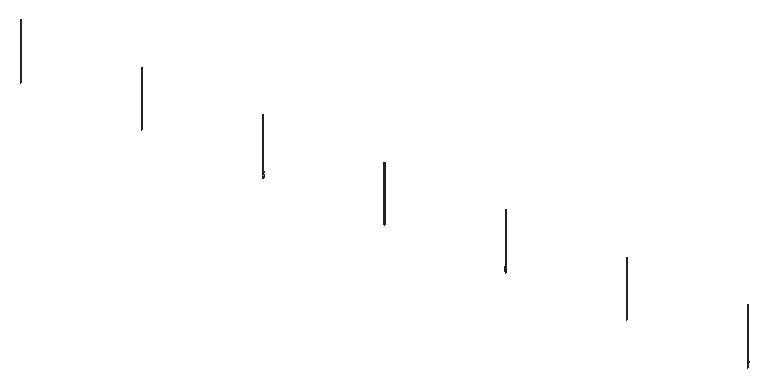
Revit family "Wire-Array-HunterDouglas-Torsion_Spring", category Specialty Equipment, Revit 2013
Parameters (values of type "Parametric")
  Wire Visibility [instance] = yes
  Wire Hanger = Metal - Aluminum Frame - HunterDouglas - Painted White
  URL = "http://www.hunterdouglascontract.com/ceilings/index.jsp"
  Subcategory = "Metal – Plank and Tile"  # constant formula
  Product Line = "Torsion Spring"  # constant formula
  Perforations = "http://www.hunterdouglascontract.com/ceilings/metalsystems/plank/spring/index.jsp?t=perfPage"
  Overall Length [instance] = (# of Wires - 1) * Wire Spacing  # 24' - 0"
  Model = "Torsion Spring_Wire Hanger"  # constant formula
  Manufacturer = "Hunter Douglas Luxalon Metal Ceilings"  # constant formula
  Wire Spacing = 4' - 0"  # constant formula
  Hanger Wire Height [instance] = 2' - 0"
  Description = "Wire Hanger"  # constant formula
  Default Elevation = 0' - 0"
  Color Finishes = "http://www.hunterdouglascontract.com/ceilings/metalsystems/plank/spring/index.jsp?t=colorPage"
  Assembly Code = "C3030200"
  95 CSI = "09 51 00"  # constant formula
  04 CSI = "09510"  # constant formula
  # of Wires = 7
Reference planes (in)
  plane 1 "Center (Front/Back)": y = 0
  plane 2: z = 0
  plane 3 "Center (Left/Right)": x = 0
  plane 4 "Left Edge": x = -144
  plane 5: x = 144
  plane 6: x = -96
  plane 7 "Ceiling Edge": z = 24
  plane 8 "Hanger Bottom": z = 2.4375
Dimensions and locks (in)
  equal spacing: plane 4 "Left Edge", plane 3 "Center (Left/Right)", plane 5
  "Overall Length": plane 4 "Left Edge" to plane 5
  "Wire Spacing": plane 4 "Left Edge" to plane 6
  "Hanger Wire Height": plane 7 "Ceiling Edge" to level
  locked: plane 8 "Hanger Bottom" to level at 2.4375
  equal spacing: group 1, group 3, group 4, group 5, group 6, group 7, group 2  (x3)
  aligned and locked: level to plane 2
  aligned and locked: plane 4 "Left Edge" to nested 1
  aligned and locked: plane 1 "Center (Front/Back)" to nested 1
  aligned and locked: nested 2 to plane 5
  aligned and locked: nested 2 to plane 1 "Center (Front/Back)"
Nested families (in)
  nested 1: "Wire" at (-144, 0, 0) x (0, 1, 0) z (0, 0, 1), visible <- "Wire Visibility", type "Wire"
    with HangerWire Length 2' - 0"
  nested 2: "Wire" at (144, 0, 0) x (0, 1, 0) z (0, 0, 1), visible <- "Wire Visibility", type "Wire"
    with HangerWire Length 2' - 0"
  nested 3: "Wire" at (-96, 0, 0) x (0, 1, 0) z (0, 0, 1), visible <- "Wire Visibility", type "Wire"
    with HangerWire Length 2' - 0"
  nested 4: "Wire" at (-48, 0, 0) x (0, 1, 0) z (0, 0, 1), visible <- "Wire Visibility", type "Wire"
    with HangerWire Length 2' - 0"
  nested 5: "Wire" at (0, 0, 0) x (0, 1, 0) z (0, 0, 1), visible <- "Wire Visibility", type "Wire"
    with HangerWire Length 2' - 0"
  nested 6: "Wire" at (48, 0, 0) x (0, 1, 0) z (0, 0, 1), visible <- "Wire Visibility", type "Wire"
    with HangerWire Length 2' - 0"
  nested 7: "Wire" at (96, 0, 0) x (0, 1, 0) z (0, 0, 1), visible <- "Wire Visibility", type "Wire"
    with HangerWire Length 2' - 0"
Definition of nested family "Wire"
  Parameters (values of type "Wire")
    Material = Metal - Aluminum Frame - HunterDouglas - Painted White
    HangerWire Length = 3' - 0"
  Reference planes (in)
    plane 1 "Center (Front/Back)": y = 0
    plane 2: z = 0
    plane 3 "Center (Left/Right)": x = 0
    plane 4: x = -0.77248
    plane 5: x = 0.77248
    plane 6: z = 2.4375
    plane 7: z = 2.5
    plane 8: z = 36
    plane 9: z = 36.21875
  Forms (in)
    Sweep 1, solid, material "Metal - Aluminum Frame - HunterDouglas - Painted White" <- "Material", detail levels fine
      path origin (0, 0, 0) x (0.707107, 0.707107, 0) y (0, 0, 1)
        loop
          line (0.03125, 36.21875) -> (0.03125, 3.70793) -> (0.38236, 3.14135)
          arc (0.38236, 3.14135) -> (0.44435, 3.01623) -> (0.48166, 2.88166) r 0.73777
          line (0.48166, 2.88166) -> (0.5376, 2.56649)
          arc (0.5376, 2.56649) -> (0.51364, 2.47677) -> (0.42949, 2.4375) r 0.1098
          line (0.42949, 2.4375) -> (-0.42976, 2.4375)
          arc (-0.42976, 2.4375) -> (-0.51374, 2.47669) -> (-0.53765, 2.56622) r 0.10957
          line (-0.53765, 2.56622) -> (-0.48246, 2.87715)
          arc (-0.48246, 2.87715) -> (-0.44395, 3.01607) -> (-0.37995, 3.14524) r 0.76163
          line (-0.37995, 3.14524) -> (-0.0384, 3.69638)
      profile origin (-0.0001, -0.0001, 2.4375) x (0, 0, -1) y (0.707107, -0.707107, 0)
        loop
          circle (-0.03125, 0) r 0.03125
    Revolve 2, solid, material "Metal - Aluminum Frame - HunterDouglas - Painted White" <- "Material", detail levels fine
      sketch origin (0.00705, -1.10535, 0.17393) x (0, 0.947216, -0.320596) y (0, 0.320596, 0.947216)
        loop
          line (-0.19925, 4.08974) -> (-0.26999, 4.08974)
          arc (-0.26999, 4.08974) -> (-0.30124, 4.05849) -> (-0.26999, 4.02724) r 0.03125
          line (-0.26999, 4.02724) -> (-0.19925, 4.02724) -> (-0.19925, 4.08974)
        axis (-0.19925, 4.02724) -> (-0.19925, 4.08974)
      angle from 0 to 360
    Revolve 3, solid, material "Metal - Aluminum Frame - HunterDouglas - Painted White" <- "Material", detail levels fine
      sketch origin (0.00705, -1.10535, 0.04197) x (0, 0.947216, -0.320596) y (0, 0.320596, 0.947216)
        loop
          line (-0.19925, 4.08974) -> (-0.26999, 4.08974)
          arc (-0.26999, 4.08974) -> (-0.30124, 4.05849) -> (-0.26999, 4.02724) r 0.03125
          line (-0.26999, 4.02724) -> (-0.19925, 4.02724) -> (-0.19925, 4.08974)
        axis (-0.19925, 4.02724) -> (-0.19925, 4.08974)
      angle from 0 to 360
    Revolve 4, solid, material "Metal - Aluminum Frame - HunterDouglas - Painted White" <- "Material", detail levels fine
      sketch origin (0.00705, -1.10535, 0.10916) x (0, 0.947216, -0.320596) y (0, 0.320596, 0.947216)
        loop
          line (-0.19925, 4.08974) -> (-0.26999, 4.08974)
          arc (-0.26999, 4.08974) -> (-0.30124, 4.05849) -> (-0.26999, 4.02724) r 0.03125
          line (-0.26999, 4.02724) -> (-0.19925, 4.02724) -> (-0.19925, 4.08974)
        axis (-0.19925, 4.02724) -> (-0.19925, 4.08974)
      angle from 0 to 360
    Revolve 5, solid, material "Metal - Aluminum Frame - HunterDouglas - Painted White" <- "Material", detail levels fine
      sketch origin (0.00705, -1.10535, -0.02357) x (0, 0.947216, -0.320596) y (0, 0.320596, 0.947216)
        loop
          line (-0.19925, 4.08974) -> (-0.26999, 4.08974)
          arc (-0.26999, 4.08974) -> (-0.30124, 4.05849) -> (-0.26999, 4.02724) r 0.03125
          line (-0.26999, 4.02724) -> (-0.19925, 4.02724) -> (-0.19925, 4.08974)
        axis (-0.19925, 4.02724) -> (-0.19925, 4.08974)
      angle from 0 to 360
    Revolve 6, solid, material "Metal - Aluminum Frame - HunterDouglas - Painted White" <- "Material", detail levels fine
      sketch origin (0.00705, -1.10535, -0.08912) x (0, 0.947216, -0.320596) y (0, 0.320596, 0.947216)
        loop
          line (-0.19925, 4.08974) -> (-0.26999, 4.08974)
          arc (-0.26999, 4.08974) -> (-0.30124, 4.05849) -> (-0.26999, 4.02724) r 0.03125
          line (-0.26999, 4.02724) -> (-0.19925, 4.02724) -> (-0.19925, 4.08974)
        axis (-0.19925, 4.02724) -> (-0.19925, 4.08974)
      angle from 0 to 360
    Revolve 7, solid, material "Metal - Aluminum Frame - HunterDouglas - Painted White" <- "Material", detail levels fine
      sketch origin (0.00705, -1.10535, -0.15857) x (0, 0.947216, -0.320596) y (0, 0.320596, 0.947216)
        loop
          line (-0.19925, 4.08974) -> (-0.26999, 4.08974)
          arc (-0.26999, 4.08974) -> (-0.30124, 4.05849) -> (-0.26999, 4.02724) r 0.03125
          line (-0.26999, 4.02724) -> (-0.19925, 4.02724) -> (-0.19925, 4.08974)
        axis (-0.19925, 4.02724) -> (-0.19925, 4.08974)
      angle from 0 to 360
  Lines and regions (in)
    model lines, style "Wire", detail levels coarse+medium
      curve 1: line (0, 0, 36) -> (0, 0, 2.5)
    symbolic lines, style "Wire", detail levels fine
      curve 2: line (-0.38204, -0.33784, 0) -> (-0.08282, -0.03863, 0)
      curve 3: line (0.38204, 0.33784, 0) -> (0.09664, 0.05243, 0)
      curve 4: arc (0.33784, 0.38204, 0) -> (0.38204, 0.38204, 0) -> (0.38204, 0.33784, 0) r 0.03125
      curve 5: arc (-0.38204, -0.33784, 0) -> (-0.38204, -0.38204, 0) -> (-0.33784, -0.38204, 0) r 0.03125
      curve 6: circle (0.00691, 0.00691, 0) r 0.10062 normal (0, 0, 1)
      curve 7: circle (0, 0, 0) r 0.03125 normal (0, 0, 1)
      curve 8: line (0.05244, 0.09663, 0) -> (0.33784, 0.38204, 0)
      curve 9: line (-0.03862, -0.08282, 0) -> (-0.33784, -0.38204, 0)
      curve 14: line (-0.03122, 0, 36.21875) -> (0.03122, 0, 36.21875)
      curve 15: line (0.03122, 0, 36.21875) -> (0.03122, 0, 4.1081)
      curve 16: line (-0.02999, 0, 3.69117) -> (-0.27048, 0, 3.16052)
      curve 17: line (-0.39791, 0, 2.57083) -> (-0.33782, 0, 2.89346)
      curve 18: arc (-0.33782, 0, 2.89346) -> (-0.3161, 0, 3.03) -> (-0.27048, 0, 3.16052) r 0.77561
      curve 19: arc (-0.39791, 0, 2.57083) -> (-0.37867, 0, 2.48393) -> (-0.30275, 0, 2.4375) r 0.11373
      curve 20: line (0.08629, 0, 3.61911) -> (-0.02999, 0, 3.69117)
      curve 21: spline (-0.03122, 0, 3.69014) -> (-0.02944, 0, 3.69066) -> (-0.02594, 0, 3.69166) -> (-0.02092, 0, 3.6931) -> (-0.01467, 0, 3.69489) -> (-0.00756, 0, 3.69692) -> (0, 0, 3.69907) -> (0.00755, 0, 3.70122) -> (0.01466, 0, 3.70324) -> (0.02091, 0, 3.70501) -> (0.02594, 0, 3.70643) -> (0.02944, 0, 3.70742) -> (0.03122, 0, 3.70792)
      curve 22: line (0.00884, 0, 3.62544) -> (-0.21356, 0, 3.13472)
      curve 23: arc (-0.2757, 0, 2.88565) -> (-0.25593, 0, 3.013) -> (-0.21356, 0, 3.13472) r 0.71311
      curve 24: line (-0.33647, 0, 2.55939) -> (-0.2757, 0, 2.88565)
      curve 25: arc (-0.33647, 0, 2.55939) -> (-0.3278, 0, 2.52024) -> (-0.2936, 0, 2.49933) r 0.05123
      curve 26: line (0.03122, 0, 36.21875) -> (-0.03122, 0, 36.21875)
      curve 27: line (-0.03122, 0, 36.21875) -> (-0.03122, 0, 4.1296)
      curve 28: line (-0.2936, 0, 2.49933) -> (0, 0, 2.49933)
      curve 29: line (0, 0, 2.4375) -> (-0.30275, 0, 2.4375)
      curve 30: line (-0.03122, 0, 3.73252) -> (-0.03122, 0, 3.68845)
      curve 31: line (0.03122, 0, 3.68845) -> (0.27048, 0, 3.16052)
      curve 32: line (0.39791, 0, 2.57083) -> (0.33782, 0, 2.89346)
      curve 33: arc (0.33782, 0, 2.89346) -> (0.3161, 0, 3.03) -> (0.27048, 0, 3.16052) r 0.77561
      curve 34: arc (0.39791, 0, 2.57083) -> (0.37867, 0, 2.48393) -> (0.30275, 0, 2.4375) r 0.11373
      curve 35: spline (0.03122, 0, 3.69014) -> (0.02944, 0, 3.69066) -> (0.02594, 0, 3.69166) -> (0.02092, 0, 3.6931) -> (0.01467, 0, 3.69489) -> (0.00756, 0, 3.69692) -> (0, 0, 3.69907) -> (-0.00755, 0, 3.70122) -> (-0.01466, 0, 3.70324) -> (-0.02091, 0, 3.70501) -> (-0.02594, 0, 3.70643) -> (-0.02944, 0, 3.70742) -> (-0.03122, 0, 3.70792)
      curve 36: line (-0.00884, 0, 3.62544) -> (0.21356, 0, 3.13472)
      curve 37: arc (0.2757, 0, 2.88565) -> (0.25593, 0, 3.013) -> (0.21356, 0, 3.13472) r 0.71311
      curve 38: line (0.33647, 0, 2.55939) -> (0.2757, 0, 2.88565)
      curve 39: arc (0.33647, 0, 2.55939) -> (0.3278, 0, 2.52024) -> (0.2936, 0, 2.49933) r 0.05123
      curve 40: line (0.2936, 0, 2.49933) -> (0, 0, 2.49933)
      curve 41: line (0, 0, 2.4375) -> (0.30275, 0, 2.4375)
      curve 42: line (0.03122, 0, 3.73252) -> (0.03122, 0, 3.68845)
      curve 43: line (0, 0.03122, 3.68845) -> (0, 0.27048, 3.16052)
      curve 44: line (0, 0.39791, 2.57083) -> (0, 0.33782, 2.89346)
      curve 45: arc (0, 0.33782, 2.89346) -> (0, 0.3161, 3.03) -> (0, 0.27048, 3.16052) r 0.77561
      curve 46: arc (0, 0.39791, 2.57083) -> (0, 0.37867, 2.48393) -> (0, 0.30275, 2.4375) r 0.11373
      curve 47: line (0, -0.00884, 3.62544) -> (0, 0.21356, 3.13472)
      curve 48: arc (0, 0.2757, 2.88565) -> (0, 0.25593, 3.013) -> (0, 0.21356, 3.13472) r 0.71311
      curve 49: line (0, 0.33647, 2.55939) -> (0, 0.2757, 2.88565)
      curve 50: arc (0, 0.33647, 2.55939) -> (0, 0.3278, 2.52024) -> (0, 0.2936, 2.49933) r 0.05123
      curve 51: line (0, 0.2936, 2.49933) -> (0, 0, 2.49933)
      curve 52: line (0, 0, 2.4375) -> (0, 0.30275, 2.4375)
      curve 53: line (0, -0.03122, 3.68845) -> (0, -0.27048, 3.16052)
      curve 54: line (0, -0.39791, 2.57083) -> (0, -0.33782, 2.89346)
      curve 55: arc (0, -0.33782, 2.89346) -> (0, -0.3161, 3.03) -> (0, -0.27048, 3.16052) r 0.77561
      curve 56: arc (0, -0.39791, 2.57083) -> (0, -0.37867, 2.48393) -> (0, -0.30275, 2.4375) r 0.11373
      curve 57: line (0, 0.00884, 3.62544) -> (0, -0.21356, 3.13472)
      curve 58: arc (0, -0.2757, 2.88565) -> (0, -0.25593, 3.013) -> (0, -0.21356, 3.13472) r 0.71311
      curve 59: line (0, -0.33647, 2.55939) -> (0, -0.2757, 2.88565)
      curve 60: arc (0, -0.33647, 2.55939) -> (0, -0.3278, 2.52024) -> (0, -0.2936, 2.49933) r 0.05123
      curve 61: line (0, -0.2936, 2.49933) -> (0, 0, 2.49933)
      curve 62: line (0, 0, 2.4375) -> (0, -0.30275, 2.4375)
      curve 63: line (0, -0.03122, 3.73252) -> (0, -0.03122, 3.68845)
      curve 64: line (0, -0.04684, 4.13498) -> (0, 0.08788, 4.08859)
      curve 65: line (0, -0.07537, 4.07858) -> (0, 0.06749, 4.02939)
      curve 66: arc (0, 0.08788, 4.08859) -> (0, 0.10729, 4.0488) -> (0, 0.06749, 4.02939) r 0.03131
      curve 67: arc (0, -0.04684, 4.13498) -> (0, -0.08569, 4.11922) -> (0, -0.07537, 4.07858) r 0.0319
      curve 68: arc (0, 0.08788, 4.02237) -> (0, 0.10784, 3.98437) -> (0, 0.0711, 3.96216) r 0.03131
      curve 69: arc (0, -0.04684, 4.06876) -> (0, -0.08551, 4.05335) -> (0, -0.07602, 4.01282) r 0.0319
      curve 70: line (0, -0.07602, 4.01282) -> (0, 0.0711, 3.96216)
      curve 71: arc (0, 0.08788, 3.95615) -> (0, 0.10784, 3.91815) -> (0, 0.0711, 3.89594) r 0.03131
      curve 72: arc (0, -0.04684, 4.00254) -> (0, -0.08551, 3.98713) -> (0, -0.07602, 3.9466) r 0.0319
      curve 73: line (0, -0.07602, 3.9466) -> (0, 0.0711, 3.89594)
      curve 74: arc (0, 0.08788, 3.88993) -> (0, 0.10784, 3.85193) -> (0, 0.0711, 3.82972) r 0.03131
      curve 75: arc (0, -0.04684, 3.93632) -> (0, -0.08551, 3.92091) -> (0, -0.07602, 3.88038) r 0.0319
      curve 76: line (0, -0.07602, 3.88038) -> (0, 0.0711, 3.82972)
      curve 77: arc (0, 0.08788, 3.82371) -> (0, 0.10784, 3.78571) -> (0, 0.0711, 3.7635) r 0.03131
      curve 78: arc (0, -0.04684, 3.8701) -> (0, -0.08551, 3.85469) -> (0, -0.07602, 3.81416) r 0.0319
      curve 79: line (0, -0.07602, 3.81416) -> (0, 0.0711, 3.7635)
      curve 80: arc (0, 0.08788, 3.75749) -> (0, 0.10784, 3.71949) -> (0, 0.0711, 3.69728) r 0.03131
      curve 81: arc (0, -0.04684, 3.80388) -> (0, -0.08551, 3.78847) -> (0, -0.07602, 3.74794) r 0.0319
      curve 82: line (0, -0.07602, 3.74794) -> (0, 0.0711, 3.69728)
      curve 83: line (0, -0.03122, 3.73252) -> (0, -0.03122, 3.68845)
      curve 84: spline (0, 0.03122, 3.69014) -> (0, 0.02944, 3.69066) -> (0, 0.02594, 3.69166) -> (0, 0.02092, 3.6931) -> (0, 0.01467, 3.69489) -> (0, 0.00756, 3.69692) -> (0, 0, 3.69907) -> (0, -0.00755, 3.70122) -> (0, -0.01466, 3.70324) -> (0, -0.02091, 3.70501) -> (0, -0.02594, 3.70643) -> (0, -0.02944, 3.70742) -> (0, -0.03122, 3.70792)
      curve 85: line (0, 0.03122, 3.71102) -> (0, 0.03122, 3.68845)
    symbolic lines, style "Wire"
      curve 10: line (0, 0.03125, 36.21875) -> (0, -0.03125, 36.21875)
      curve 11: line (0, -0.03125, 36.21875) -> (0, -0.03125, 4.05165)
      curve 12: arc (0, 0.03125, 4.05165) -> (0, 0, 4.04216) -> (0, -0.03125, 4.05165) r 0.05621
      curve 13: line (0, 0.03125, 4.05165) -> (0, 0.03125, 36.21875)
      curve 86: arc (-0.07801, 0, 3.78381) -> (-0.09482, 0, 3.81838) -> (-0.07483, 0, 3.85122) r 0.04011
      curve 87: arc (-0.07459, 0, 3.85136) -> (-0.03526, 0, 3.86711) -> (0.00686, 0, 3.87167) r 0.15569
      curve 88: arc (0.09173, 0, 3.78381) -> (0.10854, 0, 3.81838) -> (0.08855, 0, 3.85122) r 0.04011
      curve 89: arc (0.0883, 0, 3.85136) -> (0.04898, 0, 3.86711) -> (0.00686, 0, 3.87167) r 0.15569
      curve 90: arc (-0.07483, 0, 3.85122) -> (-0.09482, 0, 3.88413) -> (-0.07788, 0, 3.91872) r 0.04011
      curve 91: arc (-0.07459, 0, 3.92081) -> (-0.03526, 0, 3.93656) -> (0.00686, 0, 3.94112) r 0.15569
      curve 92: arc (0.08855, 0, 3.85122) -> (0.10858, 0, 3.88609) -> (0.0883, 0, 3.92081) r 0.04011
      curve 93: arc (0.0883, 0, 3.92081) -> (0.04898, 0, 3.93656) -> (0.00686, 0, 3.94112) r 0.15569
      curve 94: arc (-0.07788, 0, 3.91872) -> (-0.09482, 0, 3.95344) -> (-0.07459, 0, 3.98635) r 0.04011
      curve 95: arc (-0.07459, 0, 3.98635) -> (-0.03526, 0, 4.0021) -> (0.00686, 0, 4.00666) r 0.15569
      curve 96: arc (0.0916, 0, 3.91872) -> (0.10853, 0, 3.95344) -> (0.0883, 0, 3.98635) r 0.04011
      curve 97: arc (0.0883, 0, 3.98635) -> (0.04898, 0, 4.0021) -> (0.00686, 0, 4.00666) r 0.15569
      curve 98: arc (-0.07788, 0, 3.98426) -> (-0.09486, 0, 4.01703) -> (-0.07788, 0, 4.0498) r 0.04011
      curve 99: arc (-0.07459, 0, 4.05189) -> (-0.03526, 0, 4.06764) -> (0.00686, 0, 4.0722) r 0.15569
      curve 100: arc (0.0916, 0, 3.98426) -> (0.10858, 0, 4.01703) -> (0.0916, 0, 4.0498) r 0.04011
      curve 101: arc (0.0883, 0, 4.05189) -> (0.04898, 0, 4.06764) -> (0.00686, 0, 4.0722) r 0.15569
      curve 102: arc (-0.07788, 0, 4.0498) -> (-0.09482, 0, 4.08452) -> (-0.07459, 0, 4.11744) r 0.04011
      curve 103: arc (-0.07459, 0, 4.11744) -> (-0.03526, 0, 4.13318) -> (0.00686, 0, 4.13774) r 0.15569
      curve 104: arc (0.0916, 0, 4.0498) -> (0.10853, 0, 4.08452) -> (0.0883, 0, 4.11744) r 0.04011
      curve 105: arc (0.0883, 0, 4.11744) -> (0.04898, 0, 4.13318) -> (0.00686, 0, 4.13774) r 0.15569
      curve 106: arc (-0.07788, 0, 3.71818) -> (-0.09482, 0, 3.75291) -> (-0.07459, 0, 3.78582) r 0.04011
      curve 107: arc (-0.07801, 0, 3.78381) -> (-0.03718, 0, 3.80107) -> (0.00686, 0, 3.80613) r 0.15569
      curve 108: arc (0.0916, 0, 3.71818) -> (0.10853, 0, 3.75291) -> (0.0883, 0, 3.78582) r 0.04011
      curve 109: arc (0.09173, 0, 3.78381) -> (0.0509, 0, 3.80107) -> (0.00686, 0, 3.80613) r 0.15569
      curve 110: arc (-0.07788, 0, 3.71818) -> (-0.05245, 0, 3.70483) -> (-0.02439, 0, 3.69871) r 0.10721
      curve 111: arc (0.0916, 0, 3.71818) -> (0.06617, 0, 3.70483) -> (0.03811, 0, 3.69871) r 0.10721
  Dimensions and locks (in)
    equal spacing: plane 4, plane 3 "Center (Left/Right)", plane 5
    plane 4 to plane 5 = 0' - 1.54495"
    locked: plane 6 to plane 7 at 0.0625
    locked: plane 6 to level at 2.4375
    "HangerWire Length": plane 8 to level
    locked: plane 9 to plane 8 at 0.21875
    aligned and locked: level to plane 2
    aligned and locked: Sweep 1 sketch curve to plane 6
    aligned and locked: curve 1 to plane 3 "Center (Left/Right)"
    aligned and locked: plane 7 to curve 1
    aligned and locked: plane 8 to curve 1
    aligned and locked: plane 9 to curve 26
    aligned and locked: plane 9 to Sweep 1 sketch curve
    aligned and locked: curve 10 to plane 9
  Automatic sketch dimensions
    curve 12 to plane 1 "Center (Front/Back)" = 0' - 0"
    plane 1 "Center (Front/Back)" to curve 11 = 0' - 0 1/32"
    curve 13 to plane 1 "Center (Front/Back)" = 0' - 0 1/32"
    curve 12 to curve 12 = 0' - 0.04672"
    curve 18 to curve 23 = 0' - 0"  (x2)
    curve 19 to curve 25 = 0' - 0"  (x2)
    curve 33 to curve 37 = 0' - 0"  (x2)
    curve 34 to curve 39 = 0' - 0"  (x2)
    curve 19 to plane 6 = 0' - 0"
    curve 41 to plane 3 "Center (Left/Right)" = 0' - 0"
    curve 40 to plane 3 "Center (Left/Right)" = 0' - 0"
    curve 35 to plane 3 "Center (Left/Right)" = 0' - 0"
    curve 36 to plane 3 "Center (Left/Right)" = 0' - 0.00884"
    curve 16 to plane 3 "Center (Left/Right)" = 0' - 0.02999"
    curve 14 to plane 3 "Center (Left/Right)" = 0' - 0.03122"
    curve 35 to curve 16 = 0' - 0.00123"
    curve 21 to curve 21 = 0' - 0.00021"
    curve 22 to plane 3 "Center (Left/Right)" = 0' - 0.21356"
    curve 18 to curve 23 = 0' - 0.05693"
    curve 23 to curve 22 = 0' - 0.06215"
    plane 7 to curve 19 = 0' - 0.05001"
    curve 19 to plane 3 "Center (Left/Right)" = 0' - 0.2861"
    curve 25 to plane 7 = 0' - 0.00067"
    curve 25 to curve 19 = 0' - 0.0075"
    curve 29 to curve 28 = 0' - 0.00915"
    curve 25 to curve 19 = 0' - 0.05037"
    curve 17 to curve 23 = 0' - 0.06212"
    plane 7 to curve 17 = 0' - 0.07083"
    curve 37 to curve 17 = 0' - 0.09814"
    plane 3 "Center (Left/Right)" to curve 21 = 0' - 0"
    plane 3 "Center (Left/Right)" to curve 22 = 0' - 0.00884"
    plane 3 "Center (Left/Right)" to curve 42 = 0' - 0.03122"
    plane 3 "Center (Left/Right)" to curve 14 = 0' - 0.03122"
    curve 35 to curve 31 = 0' - 0"
    curve 35 to curve 35 = 0' - 0.00021"
    curve 22 to curve 20 = 0' - 0.07745"
    plane 3 "Center (Left/Right)" to curve 37 = 0' - 0.21356"
    curve 36 to curve 31 = 0' - 0.05693"
    curve 37 to curve 38 = 0' - 0.06215"
    plane 7 to curve 39 = 0' - 0.05001"
    plane 3 "Center (Left/Right)" to curve 39 = 0' - 0.2861"
    curve 34 to curve 40 = 0' - 0.0075"
    curve 39 to curve 34 = 0' - 0.00915"
    curve 34 to curve 39 = 0' - 0.05037"
    curve 38 to curve 33 = 0' - 0.06212"
    curve 38 to curve 34 = 0' - 0.06144"
    curve 33 to curve 23 = 0' - 0.09814"
    curve 19 to curve 33 = 0' - 0 69/256"
    curve 34 to curve 18 = 0' - 0 69/256"
    curve 33 to curve 23 = 0' - 0.04529"
    curve 18 to curve 37 = 0' - 0.04529"
    curve 38 to curve 32 = 0' - 0 1/128"
    curve 23 to curve 18 = 0' - 0 1/128"
    curve 33 to curve 20 = 0' - 0.4586"
    curve 20 to curve 36 = 0' - 0.00633"
    curve 22 to curve 36 = 0' - 0"
    curve 36 to curve 30 = 0' - 0.06301"
    curve 42 to curve 16 = 0' - 0.00272"
    curve 31 to curve 35 = 0' - 0.00163"
    curve 30 to curve 21 = 0' - 0.00163"
    curve 35 to curve 35 = 0' - 0.00006"
    curve 21 to curve 21 = 0' - 0.00006"
    curve 35 to curve 30 = 0' - 0.0246"
    curve 21 to curve 42 = 0' - 0.0246"
    curve 42 to curve 15 = 0' - 0.37558"
    curve 15 to curve 27 = 0' - 0.0215"
    plane 1 "Center (Front/Back)" to curve 7 = 0' - 0"
    curve 7 to plane 3 "Center (Left/Right)" = 0' - 0"
    curve 9 to plane 3 "Center (Left/Right)" = 0' - 0.03862"
    plane 1 "Center (Front/Back)" to curve 2 = 0' - 0.03863"
    curve 2 to curve 9 = 0' - 0.0442"
    curve 5 to plane 3 "Center (Left/Right)" = 0' - 0.33784"
    curve 5 to curve 9 = 0' - 0.0221"
    curve 5 to curve 5 = 0' - 0.0221"
    plane 3 "Center (Left/Right)" to curve 6 = 0' - 0.00691"
    plane 3 "Center (Left/Right)" to curve 8 = 0' - 0.05244"
    curve 8 to curve 3 = 0' - 0.0442"
    plane 3 "Center (Left/Right)" to curve 4 = 0' - 0.33784"
    curve 4 to curve 4 = 0' - 0.0221"
    curve 4 to curve 3 = 0' - 0.0221"
    curve 9 to curve 2 = 0' - 0.0442"
    plane 1 "Center (Front/Back)" to curve 2 = 0' - 0.33784"
    curve 5 to curve 2 = 0' - 0.0221"
    curve 4 to plane 1 "Center (Front/Back)" = 0' - 0.33784"
    curve 3 to curve 4 = 0' - 0.0221"
    plane 7 to Sweep 1 sketch curve = 0' - 0.06622"
    plane 7 to Sweep 1 sketch curve = 0' - 0.37715"
    Sweep 1 sketch curve to Sweep 1 sketch curve = 0' - 0.05519"
    Sweep 1 sketch curve to Sweep 1 sketch curve = 0' - 0.10788"
    Sweep 1 sketch curve to Sweep 1 sketch curve = 0' - 0.10251"
    Sweep 1 sketch curve to Sweep 1 sketch curve = 0' - 0.2377"
    plane 7 to Sweep 1 sketch curve = 0' - 1.19638"
    Sweep 1 sketch curve to Sweep 1 sketch curve = 0' - 0.34154"
    Sweep 1 sketch curve to Sweep 1 sketch curve = 0' - 0.06965"
    plane 7 to Sweep 1 sketch curve = 0' - 0.24405"
    Sweep 1 sketch curve to Sweep 1 sketch curve = 0' - 0.51221"
    Sweep 1 sketch curve to Sweep 1 sketch curve = 0' - 0.1149"
    Sweep 1 sketch curve to Sweep 1 sketch curve = 0' - 0.16204"
    Sweep 1 sketch curve to Sweep 1 sketch curve = 0' - 0.21421"
    plane 7 to Sweep 1 sketch curve = 0' - 0.06649"
    Sweep 1 sketch curve to Sweep 1 sketch curve = 0' - 0.10811"
    plane 7 to Sweep 1 sketch curve = 0' - 0.25273"
    Sweep 1 sketch curve to Sweep 1 sketch curve = 0' - 0.13761"
    Sweep 1 sketch curve to Sweep 1 sketch curve = 0' - 0.01154"
    Sweep 1 sketch curve to profile plane = 0' - 0"
    profile plane to Sweep 1 sketch curve = 0' - 0 1/32"
    plane 1 "Center (Front/Back)" to Revolve 2 sketch curve = 0' - 0.06997"
    plane 7 to Revolve 2 sketch curve = 0' - 1.57516"
    Revolve 2 sketch curve to Revolve 2 sketch curve = 0' - 0.07074"
    Revolve 2 sketch curve to Revolve 2 sketch curve = 0' - 0"  (x2)
    Revolve 2 sketch curve to Revolve 2 sketch curve = 0' - 0 1/32"
    Revolve 2 sketch curve to Revolve 2 sketch curve = 0' - 0.02781"
    plane 1 "Center (Front/Back)" to Revolve 3 sketch curve = 0' - 0.06997"
    plane 7 to Revolve 3 sketch curve = 0' - 1.44319"
    Revolve 3 sketch curve to Revolve 3 sketch curve = 0' - 0.07074"
    Revolve 3 sketch curve to Revolve 3 sketch curve = 0' - 0"  (x2)
    Revolve 3 sketch curve to Revolve 3 sketch curve = 0' - 0 1/32"
    Revolve 3 sketch curve to Revolve 3 sketch curve = 0' - 0.02781"
    curve 45 to curve 48 = 0' - 0"  (x2)
    curve 46 to curve 50 = 0' - 0"  (x2)
    curve 55 to curve 58 = 0' - 0"  (x2)
    curve 56 to curve 60 = 0' - 0"  (x2)
    plane 6 to curve 46 = 0' - 0"
    curve 61 to plane 1 "Center (Front/Back)" = 0' - 0"
    curve 52 to plane 1 "Center (Front/Back)" = 0' - 0"
    curve 57 to plane 1 "Center (Front/Back)" = 0' - 0.00884"
    curve 85 to plane 1 "Center (Front/Back)" = 0' - 0.03122"
    curve 84 to curve 43 = 0' - 0"
    curve 84 to curve 84 = 0' - 0.00021"
    curve 65 to plane 1 "Center (Front/Back)" = 0' - 0.06749"
    curve 73 to plane 1 "Center (Front/Back)" = 0' - 0.0711"
    curve 68 to curve 71 = 0' - 0"
    curve 79 to curve 85 = 0' - 0.03988"
    curve 82 to curve 84 = 0' - 0.03967"
    curve 76 to curve 73 = 0' - 0"
    curve 74 to curve 74 = 0' - 0.00658"
    curve 68 to curve 68 = 0' - 0.00658"
    curve 77 to curve 79 = 0' - 0.00658"
    curve 80 to curve 80 = 0' - 0.00658"
    curve 71 to curve 73 = 0' - 0.00658"
    curve 66 to curve 66 = 0' - 0.01019"
    curve 80 to curve 79 = 0' - 0.01678"
    curve 77 to curve 76 = 0' - 0.01678"
    curve 64 to curve 66 = 0' - 0.01019"
    curve 71 to curve 70 = 0' - 0.01678"
    curve 68 to curve 66 = 0' - 0.02038"
    curve 74 to curve 73 = 0' - 0.01678"
    curve 48 to plane 1 "Center (Front/Back)" = 0' - 0.21356"
    curve 45 to curve 47 = 0' - 0.05693"
    curve 48 to curve 48 = 0' - 0.06215"
    plane 7 to curve 46 = 0' - 0.05001"
    curve 46 to plane 1 "Center (Front/Back)" = 0' - 0.2861"
    curve 50 to plane 7 = 0' - 0.00067"
    curve 50 to curve 46 = 0' - 0.0075"
    curve 52 to curve 50 = 0' - 0.00915"
    plane 7 to curve 49 = 0' - 0.05939"
    curve 44 to curve 48 = 0' - 0.06212"
    curve 46 to curve 49 = 0' - 0.06144"
    curve 55 to curve 45 = 0' - 0.09814"
    plane 1 "Center (Front/Back)" to curve 84 = 0' - 0"
    plane 1 "Center (Front/Back)" to curve 47 = 0' - 0.00884"
    plane 1 "Center (Front/Back)" to curve 83 = 0' - 0.03122"
    plane 1 "Center (Front/Back)" to curve 64 = 0' - 0.04684"
    plane 1 "Center (Front/Back)" to curve 69 = 0' - 0.04684"
    plane 1 "Center (Front/Back)" to curve 72 = 0' - 0.04684"
    plane 1 "Center (Front/Back)" to curve 81 = 0' - 0.04684"
    plane 1 "Center (Front/Back)" to curve 78 = 0' - 0.04684"
    plane 1 "Center (Front/Back)" to curve 75 = 0' - 0.04684"
    curve 72 to curve 72 = 0' - 0.01039"
    curve 67 to curve 67 = 0' - 0.01039"
    curve 81 to curve 81 = 0' - 0.01039"
    curve 69 to curve 69 = 0' - 0.01039"
    curve 78 to curve 78 = 0' - 0.01039"
    curve 75 to curve 75 = 0' - 0.01039"
    curve 69 to curve 67 = 0' - 0.02853"
    curve 75 to curve 73 = 0' - 0.02918"
    curve 72 to curve 69 = 0' - 0.02918"
    curve 81 to curve 81 = 0' - 0.01879"
    curve 78 to curve 75 = 0' - 0.02918"
    curve 81 to curve 79 = 0' - 0.02918"
    plane 1 "Center (Front/Back)" to curve 57 = 0' - 0.21356"
    curve 57 to curve 55 = 0' - 0.05693"
    curve 58 to curve 58 = 0' - 0.06215"
    plane 7 to curve 60 = 0' - 0.05001"
    plane 1 "Center (Front/Back)" to curve 60 = 0' - 0.2861"
    curve 56 to curve 60 = 0' - 0.0075"
    curve 60 to curve 62 = 0' - 0.00915"
    curve 56 to curve 60 = 0' - 0.05037"
    curve 58 to curve 55 = 0' - 0.06212"
    plane 7 to curve 54 = 0' - 0.07083"
    curve 54 to curve 45 = 0' - 0.09814"
    curve 56 to curve 45 = 0' - 0 69/256"
    curve 44 to curve 55 = 0' - 0 69/256"
    curve 45 to curve 59 = 0' - 0.04529"
    curve 55 to curve 49 = 0' - 0.04529"
    curve 58 to curve 54 = 0' - 0 1/128"
    curve 48 to curve 44 = 0' - 0 1/128"
    curve 57 to curve 47 = 0' - 0.49072"
    curve 57 to curve 47 = 0' - 0"
    curve 47 to curve 53 = 0' - 0.06301"
    curve 43 to curve 53 = 0' - 0"
    curve 43 to curve 84 = 0' - 0.00163"
    curve 84 to curve 84 = 0' - 0.00006"
    curve 84 to curve 80 = 0' - 0.00721"
    curve 84 to curve 85 = 0' - 0.02087"
    curve 80 to curve 80 = 0' - 0.03061"
    curve 80 to curve 79 = 0' - 0.00601"
    curve 81 to curve 81 = 0' - 0.02577"
    curve 79 to curve 77 = 0' - 0.03061"
    curve 81 to curve 79 = 0' - 0.01028"
    curve 77 to curve 74 = 0' - 0.00601"
    curve 78 to curve 78 = 0' - 0.02577"
    curve 74 to curve 74 = 0' - 0.03061"
    curve 78 to curve 75 = 0' - 0.01028"
    curve 74 to curve 73 = 0' - 0.00601"
    curve 75 to curve 75 = 0' - 0.02577"
    curve 73 to curve 71 = 0' - 0.03061"
    curve 75 to curve 72 = 0' - 0.01028"
    curve 71 to curve 68 = 0' - 0.00601"
    curve 72 to curve 72 = 0' - 0.02577"
    curve 68 to curve 68 = 0' - 0.03061"
    curve 72 to curve 69 = 0' - 0.01028"
    curve 68 to curve 66 = 0' - 0.00702"
    curve 70 to curve 69 = 0' - 0.02577"
    curve 66 to curve 66 = 0' - 0.0296"
    curve 65 to curve 67 = 0' - 0.02623"
    curve 86 to plane 3 "Center (Left/Right)" = 0' - 0.07801"
    curve 94 to plane 3 "Center (Left/Right)" = 0' - 0.07788"
    curve 98 to curve 94 = 0' - 0"
    curve 98 to curve 98 = 0' - 0"
    curve 107 to curve 110 = 0' - 0.00013"
    curve 86 to curve 90 = 0' - 0.00318"
    curve 102 to curve 99 = 0' - 0.0033"
    curve 98 to curve 95 = 0' - 0.0033"
    curve 90 to curve 87 = 0' - 0.00025"
    curve 86 to curve 106 = 0' - 0.00342"
    curve 94 to curve 91 = 0' - 0.0033"
    curve 94 to curve 95 = 0' - 0"
    curve 102 to curve 99 = 0' - 0"
    curve 103 to curve 102 = 0' - 0"
    curve 110 to curve 106 = 0' - 0.02313"
    curve 106 to curve 86 = 0' - 0.01984"
    curve 99 to curve 102 = 0' - 0.01984"
    curve 87 to curve 90 = 0' - 0.01984"
    curve 91 to curve 94 = 0' - 0.01984"
    curve 95 to curve 98 = 0' - 0.01984"
    curve 110 to plane 3 "Center (Left/Right)" = 0' - 0.02439"
    curve 110 to plane 3 "Center (Left/Right)" = 0' - 0.01579"
    plane 3 "Center (Left/Right)" to curve 107 = 0' - 0.00241"
    plane 3 "Center (Left/Right)" to curve 99 = 0' - 0.00241"
    plane 3 "Center (Left/Right)" to curve 91 = 0' - 0.00241"
    plane 3 "Center (Left/Right)" to curve 87 = 0' - 0.00241"
    plane 3 "Center (Left/Right)" to curve 103 = 0' - 0.00241"
    plane 3 "Center (Left/Right)" to curve 95 = 0' - 0.00241"
    plane 3 "Center (Left/Right)" to curve 103 = 0' - 0.00686"
    plane 3 "Center (Left/Right)" to curve 101 = 0' - 0.00686"
    plane 3 "Center (Left/Right)" to curve 97 = 0' - 0.00686"
    plane 3 "Center (Left/Right)" to curve 87 = 0' - 0.00686"
    plane 3 "Center (Left/Right)" to curve 109 = 0' - 0.00686"
    plane 3 "Center (Left/Right)" to curve 91 = 0' - 0.00686"
    curve 107 to curve 109 = 0' - 0.00891"
    curve 103 to curve 105 = 0' - 0.00891"
    curve 99 to curve 101 = 0' - 0.00891"
    curve 87 to curve 89 = 0' - 0.00891"
    curve 91 to curve 93 = 0' - 0.00891"
    curve 95 to curve 97 = 0' - 0.00891"
    curve 107 to curve 111 = 0' - 0.02264"
    curve 89 to curve 111 = 0' - 0.0268"
    curve 87 to curve 92 = 0' - 0.06161"
    curve 99 to curve 104 = 0' - 0.06161"
    curve 111 to curve 88 = 0' - 0.03896"
    curve 91 to curve 96 = 0' - 0.06161"
    curve 111 to curve 108 = 0' - 0.03036"
    curve 97 to curve 100 = 0' - 0.06161"
    curve 96 to curve 93 = 0' - 0.01984"
    curve 104 to curve 101 = 0' - 0.01984"
    curve 100 to curve 97 = 0' - 0.01984"
    curve 92 to curve 89 = 0' - 0.01984"
    curve 96 to curve 97 = 0' - 0"
    curve 104 to curve 104 = 0' - 0.01984"
    curve 105 to curve 104 = 0' - 0"
    curve 92 to curve 93 = 0' - 0"
    curve 88 to curve 108 = 0' - 0.01984"
    curve 89 to curve 88 = 0' - 0.00025"
    curve 108 to curve 111 = 0' - 0.02313"
    curve 92 to curve 96 = 0' - 0.0033"
    curve 101 to curve 100 = 0' - 0.0033"
    curve 96 to curve 100 = 0' - 0.0033"
    curve 108 to curve 109 = 0' - 0.00342"
    plane 7 to curve 107 = 0' - 1.1505"
    curve 109 to curve 107 = 0' - 0"
    curve 107 to curve 110 = 0' - 0.04821"
    curve 109 to curve 111 = 0' - 0.04821"
    curve 111 to curve 89 = 0' - 0.01733"
    curve 87 to curve 89 = 0' - 0"
    curve 111 to curve 108 = 0' - 0.01947"
    curve 110 to curve 110 = 0' - 0.01947"
    curve 111 to curve 108 = 0' - 0.03277"
    curve 110 to curve 106 = 0' - 0.03277"
    curve 109 to curve 108 = 0' - 0.00201"
    curve 93 to curve 107 = 0' - 0.02063"
    curve 91 to curve 93 = 0' - 0"
    curve 108 to curve 88 = 0' - 0.03068"
    curve 106 to curve 86 = 0' - 0.03068"
    curve 109 to curve 95 = 0' - 0.04491"
    curve 97 to curve 95 = 0' - 0"
    curve 90 to curve 87 = 0' - 0.00014"
    curve 87 to curve 90 = 0' - 0.03458"
    curve 101 to curve 91 = 0' - 0.02454"
    curve 99 to curve 101 = 0' - 0"
    curve 103 to curve 95 = 0' - 0.02454"
    curve 105 to curve 103 = 0' - 0"
    curve 100 to curve 96 = 0' - 0.00209"
    curve 98 to curve 95 = 0' - 0.00209"
    curve 97 to curve 100 = 0' - 0.03068"
    curve 100 to curve 101 = 0' - 0.00209"
    plane 1 "Center (Front/Back)" to Revolve 4 sketch curve = 0' - 0.06997"
    plane 7 to Revolve 4 sketch curve = 0' - 1.51039"
    Revolve 4 sketch curve to Revolve 4 sketch curve = 0' - 0.07074"
    Revolve 4 sketch curve to Revolve 4 sketch curve = 0' - 0"  (x2)
    Revolve 4 sketch curve to Revolve 4 sketch curve = 0' - 0 1/32"
    Revolve 4 sketch curve to Revolve 4 sketch curve = 0' - 0.02781"
    plane 1 "Center (Front/Back)" to Revolve 5 sketch curve = 0' - 0.06997"
    plane 7 to Revolve 5 sketch curve = 0' - 1.37765"
    Revolve 5 sketch curve to Revolve 5 sketch curve = 0' - 0.07074"
    Revolve 5 sketch curve to Revolve 5 sketch curve = 0' - 0"  (x2)
    Revolve 5 sketch curve to Revolve 5 sketch curve = 0' - 0 1/32"
    Revolve 5 sketch curve to Revolve 5 sketch curve = 0' - 0.02781"
    plane 1 "Center (Front/Back)" to Revolve 6 sketch curve = 0' - 0.06997"
    plane 7 to Revolve 6 sketch curve = 0' - 1.31211"
    Revolve 6 sketch curve to Revolve 6 sketch curve = 0' - 0.07074"
    Revolve 6 sketch curve to Revolve 6 sketch curve = 0' - 0"  (x2)
    Revolve 6 sketch curve to Revolve 6 sketch curve = 0' - 0 1/32"
    Revolve 6 sketch curve to Revolve 6 sketch curve = 0' - 0.02781"
    plane 1 "Center (Front/Back)" to Revolve 7 sketch curve = 0' - 0.06997"
    plane 7 to Revolve 7 sketch curve = 0' - 1.24266"
    Revolve 7 sketch curve to Revolve 7 sketch curve = 0' - 0.07074"
    Revolve 7 sketch curve to Revolve 7 sketch curve = 0' - 0"  (x2)
    Revolve 7 sketch curve to Revolve 7 sketch curve = 0' - 0 1/32"
    Revolve 7 sketch curve to Revolve 7 sketch curve = 0' - 0.02781"
    plane 7 to curve 12 = 0' - 1.59837"
    radius of curve 7 = 0' - 0 1/32"
    radius of Sweep 1 sketch curve = 0' - 0 1/32"
